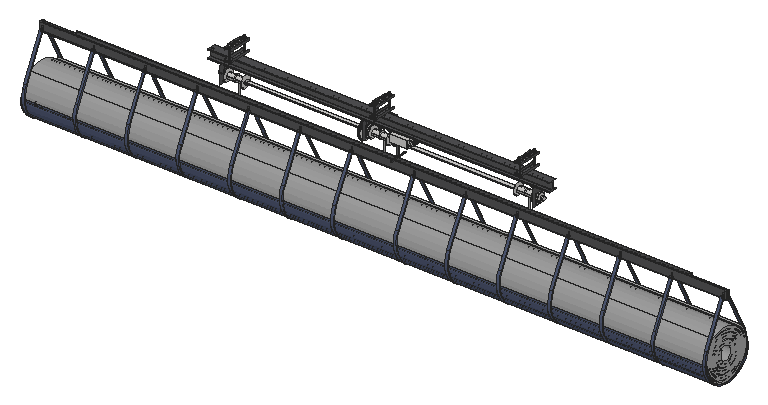
Revit family "Wrestling_Mat_Storage-PSS-4090", category Specialty Equipment, Revit 2017 (continued)
Definition of nested family "Wrestling_Mat_Storage-Hoist-PSS"
  Forms (in)
    Extrusion 16, solid, detail levels medium+fine
      sketch origin (0, 0, -284.25) x (0, 1, 0) y (0, 0, 1)
        loop
          circle (0, 284.25) r 2
        loop
          circle (0, 284.25) r 1.75
      from -6 to 6
    Extrusion 17, solid, detail levels medium+fine
      sketch origin (4.8125, 0, -284.25) x (0, 1, 0) y (0, 0, 1)
        loop
          circle (0, 284.25) r 1
        loop
          circle (0, 284.25) r 1.5
      from 1.375 to 2.375
    Extrusion 18, solid, detail levels medium+fine
      sketch origin (-4.8125, 0, -284.25) x (0, 1, 0) y (0, 0, -1)
        loop
          circle (0, -284.25) r 1
        loop
          circle (0, -284.25) r 1.5
      from 1.375 to 2.375
    Extrusion 19, solid, material <- "Superstructure Finish", detail levels medium+fine
      sketch origin (-2.4375, 0, -6.375) x (0, 1, 0) y (0, 0, -1)
        loop
          line (5, -13.625) -> (5, -1.625) -> (-5, -1.625) -> (-5, -13.625) -> (5, -13.625)
        loop
          circle (2.5625, -8.9375) r 0.25
        loop
          circle (-2.5625, -8.9375) r 0.25
        loop
          circle (2.5625, -3.8125) r 0.25
        loop
          circle (-2.5625, -3.8125) r 0.25
        loop
          circle (0, -6.375) r 1
      from 7.1875 to 7.5625
    Extrusion 20, solid, material <- "Superstructure Finish", detail levels medium+fine
      sketch origin (-1.9375, 1.90625, 0) x (1, 0, 0) y (0, 0, -1)
        loop
          line (-7.6875, -7.25) -> (-3.6875, -7.25) -> (-7.6875, -3.25) -> (-7.6875, -7.25)
      from 0 to 0.25
    Extrusion 21, solid, material <- "Superstructure Finish", detail levels medium+fine
      sketch origin (-1.9375, -1.90625, 0) x (1, 0, 0) y (0, 0, 1)
        loop
          line (-7.6875, 7.25) -> (-7.6875, 3.25) -> (-3.6875, 7.25) -> (-7.6875, 7.25)
      from 0 to 0.25
    Extrusion 22, solid, detail levels medium+fine
      sketch origin (-17.6875, 0, 0) x (0, 1, 0) y (0, 0, -1)
        loop
          arc (2.5625, -3.1875) -> (3.00444, -3.00444) -> (3.1875, -2.5625) r 0.625
          line (3.1875, -2.5625) -> (3.1875, 2.5625)
          arc (3.1875, 2.5625) -> (3.00444, 3.00444) -> (2.5625, 3.1875) r 0.625
          line (2.5625, 3.1875) -> (-2.5625, 3.1875)
          arc (-2.5625, 3.1875) -> (-3.00444, 3.00444) -> (-3.1875, 2.5625) r 0.625
          line (-3.1875, 2.5625) -> (-3.1875, -2.5625)
          arc (-3.1875, -2.5625) -> (-3.00444, -3.00444) -> (-2.5625, -3.1875) r 0.625
          line (-2.5625, -3.1875) -> (2.5625, -3.1875)
        loop
          circle (0, 0) r 1
        loop
          circle (2.5625, -2.5625) r 0.25
        loop
          circle (-2.5625, -2.5625) r 0.25
        loop
          circle (-2.5625, 2.5625) r 0.25
        loop
          circle (2.5625, 2.5625) r 0.25
      from -8.6875 to -8.0625
    Extrusion 23, solid, detail levels medium+fine
      sketch origin (-17.6875, 0, 0) x (0, 1, 0) y (0, 0, -1)
        loop
          arc (2.24472, -1.36083) -> (1.85616, -1.85616) -> (1.36083, -2.24472) r 2.625
          line (1.36083, -2.24472) -> (2.12056, -3.00444)
          arc (2.12056, -3.00444) -> (3.00444, -3.00444) -> (3.00444, -2.12056) r 0.625
          line (3.00444, -2.12056) -> (2.24472, -1.36083)
        loop
          circle (2.5625, -2.5625) r 0.25
        loop
          line (-2.24472, -1.36083) -> (-3.00444, -2.12056)
          arc (-3.00444, -2.12056) -> (-3.00444, -3.00444) -> (-2.12056, -3.00444) r 0.625
          line (-2.12056, -3.00444) -> (-1.36083, -2.24472)
          arc (-1.36083, -2.24472) -> (-1.85616, -1.85616) -> (-2.24472, -1.36083) r 2.625
        loop
          circle (-2.5625, -2.5625) r 0.25
        loop
          line (2.24472, 1.36083) -> (3.00444, 2.12056)
          arc (3.00444, 2.12056) -> (3.00444, 3.00444) -> (2.12056, 3.00444) r 0.625
          line (2.12056, 3.00444) -> (1.36083, 2.24472)
          arc (1.36083, 2.24472) -> (1.85616, 1.85616) -> (2.24472, 1.36083) r 2.625
        loop
          circle (2.5625, 2.5625) r 0.25
        loop
          arc (-2.24472, 1.36083) -> (-1.85616, 1.85616) -> (-1.36083, 2.24472) r 2.625
          line (-1.36083, 2.24472) -> (-2.12056, 3.00444)
          arc (-2.12056, 3.00444) -> (-3.00444, 3.00444) -> (-3.00444, 2.12056) r 0.625
          line (-3.00444, 2.12056) -> (-2.24472, 1.36083)
        loop
          circle (-2.5625, 2.5625) r 0.25
      from -8.875 to -8.6875
    Extrusion 24, solid, detail levels medium+fine
      sketch origin (-17.6875, 0, 0) x (0, 1, 0) y (0, 0, -1)
        loop
          circle (0, 0) r 2.625
        loop
          circle (0, 0) r 1.25
      from -9.8125 to -8.6875
    Extrusion 25, solid, detail levels medium+fine
      sketch origin (-17.6875, 0, 0) x (0, 1, 0) y (0, 0, -1)
        loop
          circle (0, 0) r 1
        loop
          circle (0, 0) r 1.25
      from -10.375 to -8.0625
    Extrusion 26, solid, detail levels fine
      sketch origin (-17.6875, 0, 0) x (0, 1, 0) y (0, 0, -1)
        loop
          line (2.76096, -2.21875) -> (2.36404, -2.21875) -> (2.16557, -2.5625) -> (2.36404, -2.90625) -> (2.76096, -2.90625) -> (2.95943, -2.5625) -> (2.76096, -2.21875)
        loop
          line (-2.76096, -2.21875) -> (-2.95943, -2.5625) -> (-2.76096, -2.90625) -> (-2.36404, -2.90625) -> (-2.16557, -2.5625) -> (-2.36404, -2.21875) -> (-2.76096, -2.21875)
        loop
          line (2.76096, 2.21875) -> (2.95943, 2.5625) -> (2.76096, 2.90625) -> (2.36404, 2.90625) -> (2.16557, 2.5625) -> (2.36404, 2.21875) -> (2.76096, 2.21875)
        loop
          line (-2.76096, 2.21875) -> (-2.36404, 2.21875) -> (-2.16557, 2.5625) -> (-2.36404, 2.90625) -> (-2.76096, 2.90625) -> (-2.95943, 2.5625) -> (-2.76096, 2.21875)
      from -9.3125 to -8.875
    Extrusion 27, solid, detail levels fine
      sketch origin (-1.125, 0, 0) x (0, 1, 0) y (0, 0, 1)
        loop
          line (2.76096, 2.21875) -> (2.95943, 2.5625) -> (2.76096, 2.90625) -> (2.36404, 2.90625) -> (2.16557, 2.5625) -> (2.36404, 2.21875) -> (2.76096, 2.21875)
        loop
          line (-2.76096, 2.21875) -> (-2.36404, 2.21875) -> (-2.16557, 2.5625) -> (-2.36404, 2.90625) -> (-2.76096, 2.90625) -> (-2.95943, 2.5625) -> (-2.76096, 2.21875)
        loop
          line (2.76096, -2.21875) -> (2.36404, -2.21875) -> (2.16557, -2.5625) -> (2.36404, -2.90625) -> (2.76096, -2.90625) -> (2.95943, -2.5625) -> (2.76096, -2.21875)
        loop
          line (-2.76096, -2.21875) -> (-2.95943, -2.5625) -> (-2.76096, -2.90625) -> (-2.36404, -2.90625) -> (-2.16557, -2.5625) -> (-2.36404, -2.21875) -> (-2.76096, -2.21875)
      from -9.3125 to -8.875
    Extrusion 28, solid, detail levels medium+fine
      sketch origin (-0.375, 0, 0) x (0, 1, 0) y (0, 0, 1)
        loop
          arc (6.18466, 0.1875) -> (6.1811, 0.28135) -> (6.17612, 0.37514) r 6.1875
          line (6.17612, 0.37514) -> (5.73397, 0.42902)
          arc (5.73397, 0.42902) -> (5.72622, 0.52237) -> (5.71695, 0.61559) r 5.75
          line (5.71695, 0.61559) -> (6.14205, 0.74858)
          arc (6.14205, 0.74858) -> (6.12998, 0.84172) -> (6.1165, 0.93467) r 6.1875
          line (6.1165, 0.93467) -> (5.67129, 0.94816)
          arc (5.67129, 0.94816) -> (5.65509, 1.04042) -> (5.63739, 1.13241) r 5.75
          line (5.63739, 1.13241) -> (6.04864, 1.30348)
          arc (6.04864, 1.30348) -> (6.02816, 1.39513) -> (6.00629, 1.48647) r 6.1875
          line (6.00629, 1.48647) -> (5.5617, 1.45946)
          arc (5.5617, 1.45946) -> (5.53718, 1.54987) -> (5.5112, 1.63987) r 5.75
          line (5.5112, 1.63987) -> (5.90521, 1.84759)
          arc (5.90521, 1.84759) -> (5.87649, 1.93701) -> (5.84641, 2.02598) r 6.1875
          line (5.84641, 2.02598) -> (5.40611, 1.95869)
          arc (5.40611, 1.95869) -> (5.37348, 2.0465) -> (5.33943, 2.13377) r 5.75
          line (5.33943, 2.13377) -> (5.71295, 2.37642)
          arc (5.71295, 2.37642) -> (5.67622, 2.46286) -> (5.63818, 2.54873) r 6.1875
          line (5.63818, 2.54873) -> (5.20581, 2.44172)
          arc (5.20581, 2.44172) -> (5.16534, 2.52621) -> (5.12351, 2.61002) r 5.75
          line (5.12351, 2.61002) -> (5.47343, 2.8856)
          arc (5.47343, 2.8856) -> (5.429, 2.96835) -> (5.38332, 3.05041) r 6.1875
          line (5.38332, 3.05041) -> (4.96246, 2.90456)
          arc (4.96246, 2.90456) -> (4.91449, 2.98502) -> (4.86521, 3.06468) r 5.75
          line (4.86521, 3.06468) -> (5.18865, 3.37092)
          arc (5.18865, 3.37092) -> (5.13689, 3.44928) -> (5.08394, 3.52685) r 6.1875
          line (5.08394, 3.52685) -> (4.67807, 3.34338)
          arc (4.67807, 3.34338) -> (4.62298, 3.41914) -> (4.56667, 3.494) r 5.75
          line (4.56667, 3.494) -> (4.86095, 3.82835)
          arc (4.86095, 3.82835) -> (4.80229, 3.90169) -> (4.74251, 3.97413) r 6.1875
          line (4.74251, 3.97413) -> (4.35499, 3.75454)
          arc (4.35499, 3.75454) -> (4.29325, 3.82499) -> (4.23037, 3.89442) r 5.75
          line (4.23037, 3.89442) -> (4.49306, 4.25413)
          arc (4.49306, 4.25413) -> (4.42797, 4.32183) -> (4.36186, 4.38854) r 6.1875
          line (4.36186, 4.38854) -> (3.99589, 4.13466)
          arc (3.99589, 4.13466) -> (3.928, 4.1992) -> (3.85908, 4.26263) r 5.75
          line (3.85908, 4.26263) -> (4.088, 4.64472)
          arc (4.088, 4.64472) -> (4.01703, 4.70623) -> (3.94514, 4.76666) r 6.1875
          line (3.94514, 4.76666) -> (3.60374, 4.48057)
          arc (3.60374, 4.48057) -> (3.53027, 4.53869) -> (3.45587, 4.59559) r 5.75
          line (3.45587, 4.59559) -> (3.64914, 4.99689)
          arc (3.64914, 4.99689) -> (3.57287, 5.05171) -> (3.49579, 5.10535) r 6.1875
          line (3.49579, 5.10535) -> (3.18179, 4.78944)
          arc (3.18179, 4.78944) -> (3.10335, 4.84063) -> (3.02408, 4.89055) r 5.75
          line (3.02408, 4.89055) -> (3.18009, 5.30775)
          arc (3.18009, 5.30775) -> (3.09916, 5.3554) -> (3.01752, 5.40183) r 6.1875
          line (3.01752, 5.40183) -> (2.73353, 5.05869)
          arc (2.73353, 5.05869) -> (2.65076, 5.10255) -> (2.56728, 5.14505) r 5.75
          line (2.56728, 5.14505) -> (2.68475, 5.5747)
          arc (2.68475, 5.5747) -> (2.59982, 5.61481) -> (2.5143, 5.65362) r 6.1875
          line (2.5143, 5.65362) -> (2.26266, 5.2861)
          arc (2.26266, 5.2861) -> (2.17624, 5.32226) -> (2.08925, 5.35701) r 5.75
          line (2.08925, 5.35701) -> (2.1672, 5.79555)
          arc (2.1672, 5.79555) -> (2.07898, 5.82778) -> (1.99029, 5.85866) r 6.1875
          line (1.99029, 5.85866) -> (1.77307, 5.4698)
          arc (1.77307, 5.4698) -> (1.68373, 5.49796) -> (1.59394, 5.52466) r 5.75
          line (1.59394, 5.52466) -> (1.63173, 5.96847)
          arc (1.63173, 5.96847) -> (1.54095, 5.99255) -> (1.44981, 6.01525) r 6.1875
          line (1.44981, 6.01525) -> (1.26882, 5.60826)
          arc (1.26882, 5.60826) -> (1.17729, 5.62819) -> (1.08545, 5.64662) r 5.75
          line (1.08545, 5.64662) -> (1.08276, 6.09203)
          arc (1.08276, 6.09203) -> (0.99017, 6.10776) -> (0.89735, 6.12208) r 6.1875
          line (0.89735, 6.12208) -> (0.75408, 5.70034)
          arc (0.75408, 5.70034) -> (0.66112, 5.71187) -> (0.56798, 5.72188) r 5.75
          line (0.56798, 5.72188) -> (0.52484, 6.1652)
          arc (0.52484, 6.1652) -> (0.4312, 6.17246) -> (0.33746, 6.17829) r 6.1875
          line (0.33746, 6.17829) -> (0.2331, 5.74527)
          arc (0.2331, 5.74527) -> (0.13948, 5.74831) -> (0.04582, 5.74982) r 5.75
          line (0.04582, 5.74982) -> (-0.03742, 6.18739)
          arc (-0.03742, 6.18739) -> (-0.13133, 6.18611) -> (-0.22521, 6.1834) r 6.1875
          line (-0.22521, 6.1834) -> (-0.28981, 5.74269)
          arc (-0.28981, 5.74269) -> (-0.38332, 5.73721) -> (-0.47673, 5.7302) r 5.75
          line (-0.47673, 5.7302) -> (-0.59938, 6.1584)
          arc (-0.59938, 6.1584) -> (-0.69278, 6.14859) -> (-0.78603, 6.13737) r 6.1875
          line (-0.78603, 6.13737) -> (-0.81032, 5.69262)
          arc (-0.81032, 5.69262) -> (-0.90294, 5.67866) -> (-0.99533, 5.6632) r 5.75
          line (-0.99533, 5.6632) -> (-1.15637, 6.07848)
          arc (-1.15637, 6.07848) -> (-1.2485, 6.06023) -> (-1.34034, 6.04058) r 6.1875
          line (-1.34034, 6.04058) -> (-1.32412, 5.59546)
          arc (-1.32412, 5.59546) -> (-1.4151, 5.57315) -> (-1.5057, 5.54936) r 5.75
          line (-1.5057, 5.54936) -> (-1.70381, 5.94829)
          arc (-1.70381, 5.94829) -> (-1.79389, 5.92175) -> (-1.88357, 5.89384) r 6.1875
          line (-1.88357, 5.89384) -> (-1.82698, 5.45203)
          arc (-1.82698, 5.45203) -> (-1.91556, 5.42154) -> (-2.00362, 5.38962) r 5.75
          line (-2.00362, 5.38962) -> (-2.23715, 5.76891)
          arc (-2.23715, 5.76891) -> (-2.32445, 5.73429) -> (-2.41122, 5.69835) r 6.1875
          line (-2.41122, 5.69835) -> (-2.31473, 5.26351)
          arc (-2.31473, 5.26351) -> (-2.40017, 5.2251) -> (-2.48497, 5.18531) r 5.75
          line (-2.48497, 5.18531) -> (-2.75199, 5.54182)
          arc (-2.75199, 5.54182) -> (-2.83578, 5.49941) -> (-2.91893, 5.45573) r 6.1875
          line (-2.91893, 5.45573) -> (-2.78333, 5.03146)
          arc (-2.78333, 5.03146) -> (-2.86493, 4.98545) -> (-2.94576, 4.93811) r 5.75
          line (-2.94576, 4.93811) -> (-3.24407, 5.26889)
          arc (-3.24407, 5.26889) -> (-3.32366, 5.21904) -> (-3.4025, 5.168) r 6.1875
          line (-3.4025, 5.168) -> (-3.22892, 4.75779)
          arc (-3.22892, 4.75779) -> (-3.306, 4.70456) -> (-3.3822, 4.65008) r 5.75
          line (-3.3822, 4.65008) -> (-3.70932, 4.95239)
          arc (-3.70932, 4.95239) -> (-3.78406, 4.89552) -> (-3.85793, 4.83752) r 6.1875
          line (-3.85793, 4.83752) -> (-3.6478, 4.44478)
          arc (-3.6478, 4.44478) -> (-3.71972, 4.38477) -> (-3.79066, 4.32359) r 5.75
          line (-3.79066, 4.32359) -> (-4.14389, 4.59493)
          arc (-4.14389, 4.59493) -> (-4.21315, 4.5315) -> (-4.28145, 4.46703) r 6.1875
          line (-4.28145, 4.46703) -> (-4.03651, 4.09501)
          arc (-4.03651, 4.09501) -> (-4.10268, 4.02871) -> (-4.16777, 3.96134) r 5.75
          line (-4.16777, 3.96134) -> (-4.54419, 4.19946)
          arc (-4.54419, 4.19946) -> (-4.60741, 4.13001) -> (-4.66956, 4.0596) r 6.1875
          line (-4.66956, 4.0596) -> (-4.39184, 3.71137)
          arc (-4.39184, 3.71137) -> (-4.45172, 3.63933) -> (-4.51041, 3.56633) r 5.75
          line (-4.51041, 3.56633) -> (-4.90691, 3.76927)
          arc (-4.90691, 3.76927) -> (-4.96355, 3.69436) -> (-5.01906, 3.6186) r 6.1875
          line (-5.01906, 3.6186) -> (-4.71085, 3.29703)
          arc (-4.71085, 3.29703) -> (-4.76393, 3.21985) -> (-4.81575, 3.14182) r 5.75
          line (-4.81575, 3.14182) -> (-5.22905, 3.30791)
          arc (-5.22905, 3.30791) -> (-5.27865, 3.22816) -> (-5.32704, 3.14767) r 6.1875
          line (-5.32704, 3.14767) -> (-4.99089, 2.85543)
          arc (-4.99089, 2.85543) -> (-5.03675, 2.77375) -> (-5.08126, 2.69133) r 5.75
          line (-5.08126, 2.69133) -> (-5.50794, 2.81918)
          arc (-5.50794, 2.81918) -> (-5.55009, 2.73526) -> (-5.59097, 2.6507) r 6.1875
          line (-5.59097, 2.6507) -> (-5.22966, 2.39021)
          arc (-5.22966, 2.39021) -> (-5.26791, 2.3047) -> (-5.30475, 2.21858) r 5.75
          line (-5.30475, 2.21858) -> (-5.74128, 2.30714)
          arc (-5.74128, 2.30714) -> (-5.77563, 2.21973) -> (-5.80866, 2.13182) r 6.1875
          line (-5.80866, 2.13182) -> (-5.42518, 1.90523)
          arc (-5.42518, 1.90523) -> (-5.4555, 1.8166) -> (-5.48437, 1.72748) r 5.75
          line (-5.48437, 1.72748) -> (-5.92713, 1.77602)
          arc (-5.92713, 1.77602) -> (-5.95341, 1.68585) -> (-5.97831, 1.5953) r 6.1875
          line (-5.97831, 1.5953) -> (-5.57583, 1.40449)
          arc (-5.57583, 1.40449) -> (-5.59797, 1.31347) -> (-5.61863, 1.2221) r 5.75
          line (-5.61863, 1.2221) -> (-6.06397, 1.23021)
          arc (-6.06397, 1.23021) -> (-6.08194, 1.13803) -> (-6.09852, 1.04559) r 6.1875
          line (-6.09852, 1.04559) -> (-5.68037, 0.89213)
          arc (-5.68037, 0.89213) -> (-5.69415, 0.79948) -> (-5.70642, 0.70661) r 5.75
          line (-5.70642, 0.70661) -> (-6.15066, 0.67423)
          arc (-6.15066, 0.67423) -> (-6.16018, 0.5808) -> (-6.16829, 0.48723) r 6.1875
          line (-6.16829, 0.48723) -> (-5.73793, 0.37239)
          arc (-5.73793, 0.37239) -> (-5.74323, 0.27887) -> (-5.74701, 0.18527) r 5.75
          line (-5.74701, 0.18527) -> (-6.18647, 0.11267)
          arc (-6.18647, 0.11267) -> (-6.1875, 0) -> (-6.18647, -0.11267) r 6.1875
          line (-6.18647, -0.11267) -> (-5.74701, -0.18527)
          arc (-5.74701, -0.18527) -> (-5.74323, -0.27887) -> (-5.73793, -0.37239) r 5.75
          line (-5.73793, -0.37239) -> (-6.16829, -0.48723)
          arc (-6.16829, -0.48723) -> (-6.16018, -0.5808) -> (-6.15066, -0.67423) r 6.1875
          line (-6.15066, -0.67423) -> (-5.70642, -0.70661)
          arc (-5.70642, -0.70661) -> (-5.69415, -0.79948) -> (-5.68037, -0.89213) r 5.75
          line (-5.68037, -0.89213) -> (-6.09852, -1.04559)
          arc (-6.09852, -1.04559) -> (-6.08194, -1.13803) -> (-6.06397, -1.23021) r 6.1875
          line (-6.06397, -1.23021) -> (-5.61863, -1.2221)
          arc (-5.61863, -1.2221) -> (-5.59797, -1.31347) -> (-5.57583, -1.40449) r 5.75
          line (-5.57583, -1.40449) -> (-5.97831, -1.5953)
          arc (-5.97831, -1.5953) -> (-5.95341, -1.68585) -> (-5.92713, -1.77602) r 6.1875
          line (-5.92713, -1.77602) -> (-5.48437, -1.72748)
          arc (-5.48437, -1.72748) -> (-5.4555, -1.8166) -> (-5.42518, -1.90523) r 5.75
          line (-5.42518, -1.90523) -> (-5.80866, -2.13182)
          arc (-5.80866, -2.13182) -> (-5.77563, -2.21973) -> (-5.74128, -2.30714) r 6.1875
          line (-5.74128, -2.30714) -> (-5.30475, -2.21858)
          arc (-5.30475, -2.21858) -> (-5.26791, -2.3047) -> (-5.22966, -2.39021) r 5.75
          line (-5.22966, -2.39021) -> (-5.59097, -2.6507)
          arc (-5.59097, -2.6507) -> (-5.55009, -2.73526) -> (-5.50794, -2.81918) r 6.1875
          line (-5.50794, -2.81918) -> (-5.08126, -2.69133)
          arc (-5.08126, -2.69133) -> (-5.03675, -2.77375) -> (-4.99089, -2.85543) r 5.75
          line (-4.99089, -2.85543) -> (-5.32704, -3.14767)
          arc (-5.32704, -3.14767) -> (-5.27865, -3.22816) -> (-5.22905, -3.30791) r 6.1875
          line (-5.22905, -3.30791) -> (-4.81575, -3.14182)
          arc (-4.81575, -3.14182) -> (-4.76393, -3.21985) -> (-4.71085, -3.29703) r 5.75
          line (-4.71085, -3.29703) -> (-5.01906, -3.6186)
          arc (-5.01906, -3.6186) -> (-4.96355, -3.69436) -> (-4.90691, -3.76927) r 6.1875
          line (-4.90691, -3.76927) -> (-4.51041, -3.56633)
          arc (-4.51041, -3.56633) -> (-4.45172, -3.63933) -> (-4.39184, -3.71137) r 5.75
          line (-4.39184, -3.71137) -> (-4.66956, -4.0596)
          arc (-4.66956, -4.0596) -> (-4.60741, -4.13001) -> (-4.54419, -4.19946) r 6.1875
          line (-4.54419, -4.19946) -> (-4.16777, -3.96134)
          arc (-4.16777, -3.96134) -> (-4.10268, -4.02871) -> (-4.03651, -4.09501) r 5.75
          line (-4.03651, -4.09501) -> (-4.28145, -4.46703)
          arc (-4.28145, -4.46703) -> (-4.21315, -4.5315) -> (-4.14389, -4.59493) r 6.1875
          line (-4.14389, -4.59493) -> (-3.79066, -4.32359)
          arc (-3.79066, -4.32359) -> (-3.71972, -4.38477) -> (-3.6478, -4.44478) r 5.75
          line (-3.6478, -4.44478) -> (-3.85793, -4.83752)
          arc (-3.85793, -4.83752) -> (-3.78406, -4.89552) -> (-3.70932, -4.95239) r 6.1875
          line (-3.70932, -4.95239) -> (-3.3822, -4.65008)
          arc (-3.3822, -4.65008) -> (-3.306, -4.70456) -> (-3.22892, -4.75779) r 5.75
          line (-3.22892, -4.75779) -> (-3.4025, -5.168)
          arc (-3.4025, -5.168) -> (-3.32366, -5.21904) -> (-3.24407, -5.26889) r 6.1875
          line (-3.24407, -5.26889) -> (-2.94576, -4.93811)
          arc (-2.94576, -4.93811) -> (-2.86493, -4.98545) -> (-2.78333, -5.03146) r 5.75
          line (-2.78333, -5.03146) -> (-2.91893, -5.45573)
          arc (-2.91893, -5.45573) -> (-2.83578, -5.49941) -> (-2.75199, -5.54182) r 6.1875
          line (-2.75199, -5.54182) -> (-2.48497, -5.18531)
          arc (-2.48497, -5.18531) -> (-2.40017, -5.2251) -> (-2.31473, -5.26351) r 5.75
          line (-2.31473, -5.26351) -> (-2.41122, -5.69835)
          arc (-2.41122, -5.69835) -> (-2.32445, -5.73429) -> (-2.23715, -5.76891) r 6.1875
          line (-2.23715, -5.76891) -> (-2.00362, -5.38962)
          arc (-2.00362, -5.38962) -> (-1.91556, -5.42154) -> (-1.82698, -5.45203) r 5.75
          line (-1.82698, -5.45203) -> (-1.88357, -5.89384)
          arc (-1.88357, -5.89384) -> (-1.79389, -5.92175) -> (-1.70381, -5.94829) r 6.1875
          line (-1.70381, -5.94829) -> (-1.5057, -5.54936)
          arc (-1.5057, -5.54936) -> (-1.4151, -5.57315) -> (-1.32412, -5.59546) r 5.75
          line (-1.32412, -5.59546) -> (-1.34034, -6.04058)
          arc (-1.34034, -6.04058) -> (-1.2485, -6.06023) -> (-1.15637, -6.07848) r 6.1875
          line (-1.15637, -6.07848) -> (-0.99533, -5.6632)
          arc (-0.99533, -5.6632) -> (-0.90294, -5.67866) -> (-0.81032, -5.69262) r 5.75
          line (-0.81032, -5.69262) -> (-0.78603, -6.13737)
          arc (-0.78603, -6.13737) -> (-0.69278, -6.14859) -> (-0.59938, -6.1584) r 6.1875
          line (-0.59938, -6.1584) -> (-0.47673, -5.7302)
          arc (-0.47673, -5.7302) -> (-0.38332, -5.73721) -> (-0.28981, -5.74269) r 5.75
          line (-0.28981, -5.74269) -> (-0.22521, -6.1834)
          arc (-0.22521, -6.1834) -> (-0.13133, -6.18611) -> (-0.03742, -6.18739) r 6.1875
          line (-0.03742, -6.18739) -> (0.04582, -5.74982)
          arc (0.04582, -5.74982) -> (0.13948, -5.74831) -> (0.2331, -5.74527) r 5.75
          line (0.2331, -5.74527) -> (0.33746, -6.17829)
          arc (0.33746, -6.17829) -> (0.4312, -6.17246) -> (0.52484, -6.1652) r 6.1875
          line (0.52484, -6.1652) -> (0.56798, -5.72188)
          arc (0.56798, -5.72188) -> (0.66112, -5.71187) -> (0.75408, -5.70034) r 5.75
          line (0.75408, -5.70034) -> (0.89735, -6.12208)
          arc (0.89735, -6.12208) -> (0.99017, -6.10776) -> (1.08276, -6.09203) r 6.1875
          line (1.08276, -6.09203) -> (1.08545, -5.64662)
          arc (1.08545, -5.64662) -> (1.17729, -5.62819) -> (1.26882, -5.60826) r 5.75
          line (1.26882, -5.60826) -> (1.44981, -6.01525)
          arc (1.44981, -6.01525) -> (1.54095, -5.99255) -> (1.63173, -5.96847) r 6.1875
          line (1.63173, -5.96847) -> (1.59394, -5.52466)
          arc (1.59394, -5.52466) -> (1.68373, -5.49796) -> (1.77307, -5.4698) r 5.75
          line (1.77307, -5.4698) -> (1.99029, -5.85866)
          arc (1.99029, -5.85866) -> (2.07898, -5.82778) -> (2.1672, -5.79555) r 6.1875
          line (2.1672, -5.79555) -> (2.08925, -5.35701)
          arc (2.08925, -5.35701) -> (2.17624, -5.32226) -> (2.26266, -5.2861) r 5.75
          line (2.26266, -5.2861) -> (2.5143, -5.65362)
          arc (2.5143, -5.65362) -> (2.59982, -5.61481) -> (2.68475, -5.5747) r 6.1875
          line (2.68475, -5.5747) -> (2.56728, -5.14505)
          arc (2.56728, -5.14505) -> (2.65076, -5.10255) -> (2.73353, -5.05869) r 5.75
          line (2.73353, -5.05869) -> (3.01752, -5.40183)
          arc (3.01752, -5.40183) -> (3.09916, -5.3554) -> (3.18009, -5.30775) r 6.1875
          line (3.18009, -5.30775) -> (3.02408, -4.89055)
          arc (3.02408, -4.89055) -> (3.10335, -4.84063) -> (3.18179, -4.78944) r 5.75
          line (3.18179, -4.78944) -> (3.49579, -5.10535)
          arc (3.49579, -5.10535) -> (3.57287, -5.05171) -> (3.64914, -4.99689) r 6.1875
          line (3.64914, -4.99689) -> (3.45587, -4.59559)
          arc (3.45587, -4.59559) -> (3.53027, -4.53869) -> (3.60374, -4.48057) r 5.75
          line (3.60374, -4.48057) -> (3.94514, -4.76666)
          arc (3.94514, -4.76666) -> (4.01703, -4.70623) -> (4.088, -4.64472) r 6.1875
          line (4.088, -4.64472) -> (3.85908, -4.26263)
          arc (3.85908, -4.26263) -> (3.928, -4.1992) -> (3.99589, -4.13466) r 5.75
          line (3.99589, -4.13466) -> (4.36186, -4.38854)
          arc (4.36186, -4.38854) -> (4.42797, -4.32183) -> (4.49306, -4.25413) r 6.1875
          line (4.49306, -4.25413) -> (4.23037, -3.89442)
          arc (4.23037, -3.89442) -> (4.29325, -3.82499) -> (4.35499, -3.75454) r 5.75
          line (4.35499, -3.75454) -> (4.74251, -3.97413)
          arc (4.74251, -3.97413) -> (4.80229, -3.90169) -> (4.86095, -3.82835) r 6.1875
          line (4.86095, -3.82835) -> (4.56667, -3.494)
          arc (4.56667, -3.494) -> (4.62298, -3.41914) -> (4.67807, -3.34338) r 5.75
          line (4.67807, -3.34338) -> (5.08394, -3.52685)
          arc (5.08394, -3.52685) -> (5.13689, -3.44928) -> (5.18865, -3.37092) r 6.1875
          line (5.18865, -3.37092) -> (4.86521, -3.06468)
          arc (4.86521, -3.06468) -> (4.91449, -2.98502) -> (4.96246, -2.90456) r 5.75
          line (4.96246, -2.90456) -> (5.38332, -3.05041)
          arc (5.38332, -3.05041) -> (5.429, -2.96835) -> (5.47343, -2.8856) r 6.1875
          line (5.47343, -2.8856) -> (5.12351, -2.61002)
          arc (5.12351, -2.61002) -> (5.16534, -2.52621) -> (5.20581, -2.44172) r 5.75
          line (5.20581, -2.44172) -> (5.63818, -2.54873)
          arc (5.63818, -2.54873) -> (5.67622, -2.46286) -> (5.71295, -2.37642) r 6.1875
          line (5.71295, -2.37642) -> (5.33943, -2.13377)
          arc (5.33943, -2.13377) -> (5.37348, -2.0465) -> (5.40611, -1.95869) r 5.75
          line (5.40611, -1.95869) -> (5.84641, -2.02598)
          arc (5.84641, -2.02598) -> (5.87649, -1.93701) -> (5.90521, -1.84759) r 6.1875
          line (5.90521, -1.84759) -> (5.5112, -1.63987)
          arc (5.5112, -1.63987) -> (5.53718, -1.54987) -> (5.5617, -1.45946) r 5.75
          line (5.5617, -1.45946) -> (6.00629, -1.48647)
          arc (6.00629, -1.48647) -> (6.02816, -1.39513) -> (6.04864, -1.30348) r 6.1875
          line (6.04864, -1.30348) -> (5.63739, -1.13241)
          arc (5.63739, -1.13241) -> (5.65509, -1.04042) -> (5.67129, -0.94816) r 5.75
          line (5.67129, -0.94816) -> (6.1165, -0.93467)
          arc (6.1165, -0.93467) -> (6.12998, -0.84172) -> (6.14205, -0.74858) r 6.1875
          line (6.14205, -0.74858) -> (5.71695, -0.61559)
          arc (5.71695, -0.61559) -> (5.72622, -0.52237) -> (5.73397, -0.42902) r 5.75
          line (5.73397, -0.42902) -> (6.17612, -0.37514)
          arc (6.17612, -0.37514) -> (6.1811, -0.28135) -> (6.18466, -0.1875) r 6.1875
          line (6.18466, -0.1875) -> (5.74924, -0.09367)
          arc (5.74924, -0.09367) -> (5.75, 0) -> (5.74924, 0.09367) r 5.75
          line (5.74924, 0.09367) -> (6.18466, 0.1875)
        loop
          circle (0, 0) r 5
      from -11.75 to -10
    Extrusion 29, solid, detail levels medium+fine
      sketch origin (-0.375, 0, 0) x (0, 1, 0) y (0, 0, 1)
        loop
          circle (0, 0) r 2.375
        loop
          arc (0.21651, -2.625) -> (0, -2.5) -> (-0.21651, -2.625) r 0.25
          line (-0.21651, -2.625) -> (-1.21651, -4.35705)
          arc (-1.21651, -4.35705) -> (-1.21651, -4.60705) -> (-1, -4.73205) r 0.25
          arc (-1, -4.73205) -> (0, -4.83851) -> (1, -4.73205) r 4.75
          arc (1, -4.73205) -> (1.21651, -4.60705) -> (1.21651, -4.35705) r 0.25
          line (1.21651, -4.35705) -> (0.21651, -2.625)
        loop
          arc (2.30492, -1.16925) -> (2.08841, -1.29425) -> (2.08841, -1.54425) r 0.25
          line (2.08841, -1.54425) -> (3.08841, -3.2763)
          arc (3.08841, -3.2763) -> (3.30492, -3.4013) -> (3.52143, -3.2763) r 0.25
          arc (3.52143, -3.2763) -> (4.11362, -2.46351) -> (4.52143, -1.54425) r 4.75
          arc (4.52143, -1.54425) -> (4.52143, -1.29425) -> (4.30492, -1.16925) r 0.25
          line (4.30492, -1.16925) -> (2.30492, -1.16925)
        loop
          arc (2.16506, 1.41149) -> (2.16506, 1.16149) -> (2.38157, 1.03649) r 0.25
          line (2.38157, 1.03649) -> (4.38157, 1.03649)
          arc (4.38157, 1.03649) -> (4.59808, 1.16149) -> (4.59808, 1.41149) r 0.25
          arc (4.59808, 1.41149) -> (4.19027, 2.33075) -> (3.59808, 3.14354) r 4.75
          arc (3.59808, 3.14354) -> (3.38157, 3.26854) -> (3.16506, 3.14354) r 0.25
          line (3.16506, 3.14354) -> (2.16506, 1.41149)
        loop
          line (-2.16506, 1.41149) -> (-3.16506, 3.14354)
          arc (-3.16506, 3.14354) -> (-3.38157, 3.26854) -> (-3.59808, 3.14354) r 0.25
          arc (-3.59808, 3.14354) -> (-4.19027, 2.33075) -> (-4.59808, 1.41149) r 4.75
          arc (-4.59808, 1.41149) -> (-4.59808, 1.16149) -> (-4.38157, 1.03649) r 0.25
          line (-4.38157, 1.03649) -> (-2.38157, 1.03649)
          arc (-2.38157, 1.03649) -> (-2.16506, 1.16149) -> (-2.16506, 1.41149) r 0.25
        loop
          line (0.21651, 2.625) -> (1.21651, 4.35705)
          arc (1.21651, 4.35705) -> (1.21651, 4.60705) -> (1, 4.73205) r 0.25
          arc (1, 4.73205) -> (0, 4.83851) -> (-1, 4.73205) r 4.75
          arc (-1, 4.73205) -> (-1.21651, 4.60705) -> (-1.21651, 4.35705) r 0.25
          line (-1.21651, 4.35705) -> (-0.21651, 2.625)
          arc (-0.21651, 2.625) -> (0, 2.5) -> (0.21651, 2.625) r 0.25
        loop
          line (-2.30492, -1.16925) -> (-4.30492, -1.16925)
          arc (-4.30492, -1.16925) -> (-4.52143, -1.29425) -> (-4.52143, -1.54425) r 0.25
          arc (-4.52143, -1.54425) -> (-4.11362, -2.46351) -> (-3.52143, -3.2763) r 4.75
          arc (-3.52143, -3.2763) -> (-3.30492, -3.4013) -> (-3.08841, -3.2763) r 0.25
          line (-3.08841, -3.2763) -> (-2.08841, -1.54425)
          arc (-2.08841, -1.54425) -> (-2.08841, -1.29425) -> (-2.30492, -1.16925) r 0.25
        loop
          circle (0, 0) r 5
      from -11.5 to -10.25
    Extrusion 30, solid, detail levels medium+fine
      sketch origin (0, 0, 0) x (0, 1, 0) y (0, 0, 1)
        loop
          circle (0, 0) r 1
        loop
          circle (0, 0) r 2.375
      from -13.375 to -10.375
    Extrusion 31, solid, detail levels medium+fine
      sketch origin (-0.375, 7.625, 3) x (0, 1, 0) y (0, 0, 1)
        loop
          circle (0, 0) r 0.75
        loop
          arc (-2.20308, -0.88717) -> (-2.18582, -0.92889) -> (-2.16776, -0.97027) r 2.375
          line (-2.16776, -0.97027) -> (-1.78043, -0.91108)
          arc (-1.78043, -0.91108) -> (-1.71503, -1.02893) -> (-1.64183, -1.1421) r 2
          line (-1.64183, -1.1421) -> (-1.89839, -1.42714)
          arc (-1.89839, -1.42714) -> (-1.87092, -1.46297) -> (-1.84278, -1.49827) r 2.375
          line (-1.84278, -1.49827) -> (-1.48396, -1.34084)
          arc (-1.48396, -1.34084) -> (-1.39028, -1.43775) -> (-1.29029, -1.52812) r 2
          line (-1.29029, -1.52812) -> (-1.46433, -1.86985)
          arc (-1.46433, -1.86985) -> (-1.42853, -1.89735) -> (-1.39221, -1.92416) r 2.375
          line (-1.39221, -1.92416) -> (-1.08636, -1.67923)
          arc (-1.08636, -1.67923) -> (-0.97079, -1.74859) -> (-0.85082, -1.81) r 2
          line (-0.85082, -1.81) -> (-0.93048, -2.18514)
          arc (-0.93048, -2.18514) -> (-0.88878, -2.20243) -> (-0.84676, -2.21892) r 2.375
          line (-0.84676, -2.21892) -> (-0.61473, -1.90318)
          arc (-0.61473, -1.90318) -> (-0.48515, -1.94027) -> (-0.35336, -1.96854) r 2
          line (-0.35336, -1.96854) -> (-0.33322, -2.35151)
          arc (-0.33322, -2.35151) -> (-0.28847, -2.35742) -> (-0.24361, -2.36247) r 2.375
          line (-0.24361, -2.36247) -> (-0.1012, -1.99744)
          arc (-0.1012, -1.99744) -> (0.03356, -1.99972) -> (0.16817, -1.99292) r 2
          line (0.16817, -1.99292) -> (0.28675, -2.35763)
          arc (0.28675, -2.35763) -> (0.33151, -2.35175) -> (0.37615, -2.34502) r 2.375
          line (0.37615, -2.34502) -> (0.41922, -1.95557)
          arc (0.41922, -1.95557) -> (0.54998, -1.92289) -> (0.67825, -1.88148) r 2
          line (0.67825, -1.88148) -> (0.88717, -2.20308)
          arc (0.88717, -2.20308) -> (0.92889, -2.18582) -> (0.97027, -2.16776) r 2.375
          line (0.97027, -2.16776) -> (0.91108, -1.78043)
          arc (0.91108, -1.78043) -> (1.02893, -1.71503) -> (1.1421, -1.64183) r 2
          line (1.1421, -1.64183) -> (1.42714, -1.89839)
          arc (1.42714, -1.89839) -> (1.46297, -1.87092) -> (1.49827, -1.84278) r 2.375
          line (1.49827, -1.84278) -> (1.34084, -1.48396)
          arc (1.34084, -1.48396) -> (1.43775, -1.39028) -> (1.52812, -1.29029) r 2
          line (1.52812, -1.29029) -> (1.86985, -1.46433)
          arc (1.86985, -1.46433) -> (1.89735, -1.42853) -> (1.92416, -1.39221) r 2.375
          line (1.92416, -1.39221) -> (1.67923, -1.08636)
          arc (1.67923, -1.08636) -> (1.74859, -0.97079) -> (1.81, -0.85082) r 2
          line (1.81, -0.85082) -> (2.18514, -0.93048)
          arc (2.18514, -0.93048) -> (2.20243, -0.88878) -> (2.21892, -0.84676) r 2.375
          line (2.21892, -0.84676) -> (1.90318, -0.61473)
          arc (1.90318, -0.61473) -> (1.94027, -0.48515) -> (1.96854, -0.35336) r 2
          line (1.96854, -0.35336) -> (2.35151, -0.33322)
          arc (2.35151, -0.33322) -> (2.35742, -0.28847) -> (2.36247, -0.24361) r 2.375
          line (2.36247, -0.24361) -> (1.99744, -0.1012)
          arc (1.99744, -0.1012) -> (1.99972, 0.03356) -> (1.99292, 0.16817) r 2
          line (1.99292, 0.16817) -> (2.35763, 0.28675)
          arc (2.35763, 0.28675) -> (2.35175, 0.33151) -> (2.34502, 0.37615) r 2.375
          line (2.34502, 0.37615) -> (1.95557, 0.41922)
          arc (1.95557, 0.41922) -> (1.92289, 0.54998) -> (1.88148, 0.67825) r 2
          line (1.88148, 0.67825) -> (2.20308, 0.88717)
          arc (2.20308, 0.88717) -> (2.18582, 0.92889) -> (2.16776, 0.97027) r 2.375
          line (2.16776, 0.97027) -> (1.78043, 0.91108)
          arc (1.78043, 0.91108) -> (1.71503, 1.02893) -> (1.64183, 1.1421) r 2
          line (1.64183, 1.1421) -> (1.89839, 1.42714)
          arc (1.89839, 1.42714) -> (1.87092, 1.46297) -> (1.84278, 1.49827) r 2.375
          line (1.84278, 1.49827) -> (1.48396, 1.34084)
          arc (1.48396, 1.34084) -> (1.39028, 1.43775) -> (1.29029, 1.52812) r 2
          line (1.29029, 1.52812) -> (1.46433, 1.86985)
          arc (1.46433, 1.86985) -> (1.42853, 1.89735) -> (1.39221, 1.92416) r 2.375
          line (1.39221, 1.92416) -> (1.08636, 1.67923)
          arc (1.08636, 1.67923) -> (0.97079, 1.74859) -> (0.85082, 1.81) r 2
          line (0.85082, 1.81) -> (0.93048, 2.18514)
          arc (0.93048, 2.18514) -> (0.88878, 2.20243) -> (0.84676, 2.21892) r 2.375
          line (0.84676, 2.21892) -> (0.61473, 1.90318)
          arc (0.61473, 1.90318) -> (0.48515, 1.94027) -> (0.35336, 1.96854) r 2
          line (0.35336, 1.96854) -> (0.33322, 2.35151)
          arc (0.33322, 2.35151) -> (0.28847, 2.35742) -> (0.24361, 2.36247) r 2.375
          line (0.24361, 2.36247) -> (0.1012, 1.99744)
          arc (0.1012, 1.99744) -> (-0.03356, 1.99972) -> (-0.16817, 1.99292) r 2
          line (-0.16817, 1.99292) -> (-0.28675, 2.35763)
          arc (-0.28675, 2.35763) -> (-0.33151, 2.35175) -> (-0.37615, 2.34502) r 2.375
          line (-0.37615, 2.34502) -> (-0.41922, 1.95557)
          arc (-0.41922, 1.95557) -> (-0.54998, 1.92289) -> (-0.67825, 1.88148) r 2
          line (-0.67825, 1.88148) -> (-0.88717, 2.20308)
          arc (-0.88717, 2.20308) -> (-0.92889, 2.18582) -> (-0.97027, 2.16776) r 2.375
          line (-0.97027, 2.16776) -> (-0.91108, 1.78043)
          arc (-0.91108, 1.78043) -> (-1.02893, 1.71503) -> (-1.1421, 1.64183) r 2
          line (-1.1421, 1.64183) -> (-1.42714, 1.89839)
          arc (-1.42714, 1.89839) -> (-1.46297, 1.87092) -> (-1.49827, 1.84278) r 2.375
          line (-1.49827, 1.84278) -> (-1.34084, 1.48396)
          arc (-1.34084, 1.48396) -> (-1.43775, 1.39028) -> (-1.52812, 1.29029) r 2
          line (-1.52812, 1.29029) -> (-1.86985, 1.46433)
          arc (-1.86985, 1.46433) -> (-1.89735, 1.42853) -> (-1.92416, 1.39221) r 2.375
          line (-1.92416, 1.39221) -> (-1.67923, 1.08636)
          arc (-1.67923, 1.08636) -> (-1.74859, 0.97079) -> (-1.81, 0.85082) r 2
          line (-1.81, 0.85082) -> (-2.18514, 0.93048)
          arc (-2.18514, 0.93048) -> (-2.20243, 0.88878) -> (-2.21892, 0.84676) r 2.375
          line (-2.21892, 0.84676) -> (-1.90318, 0.61473)
          arc (-1.90318, 0.61473) -> (-1.94027, 0.48515) -> (-1.96854, 0.35336) r 2
          line (-1.96854, 0.35336) -> (-2.35151, 0.33322)
          arc (-2.35151, 0.33322) -> (-2.35742, 0.28847) -> (-2.36247, 0.24361) r 2.375
          line (-2.36247, 0.24361) -> (-1.99744, 0.1012)
          arc (-1.99744, 0.1012) -> (-1.99972, -0.03356) -> (-1.99292, -0.16817) r 2
          line (-1.99292, -0.16817) -> (-2.35763, -0.28675)
          arc (-2.35763, -0.28675) -> (-2.35175, -0.33151) -> (-2.34502, -0.37615) r 2.375
          line (-2.34502, -0.37615) -> (-1.95557, -0.41922)
          arc (-1.95557, -0.41922) -> (-1.92289, -0.54998) -> (-1.88148, -0.67825) r 2
          line (-1.88148, -0.67825) -> (-2.20308, -0.88717)
      from -11.75 to -10
    Extrusion 32, solid, detail levels medium+fine
      sketch origin (0, 0, 0) x (0, 1, 0) y (0, 0, 1)
        loop
          circle (7.625, 3) r 3.3125
      from 6.0625 to 12.6875
    Extrusion 33, solid, detail levels medium+fine
      sketch origin (0, 0, 0) x (0, 1, 0) y (0, 0, 1)
        loop
          circle (7.625, 3) r 1.75
        loop
          circle (7.625, 3) r 0.75
      from -10.375 to -9.625
    Extrusion 34, solid, detail levels medium+fine
      sketch origin (-8.125, 0, 0) x (0, 1, 0) y (0, 0, 1)
        loop
          circle (7.625, 3) r 1.375
      from -0.5 to -0.25
    Extrusion 35, solid, detail levels medium+fine
      sketch origin (-8.625, 0, 0) x (0, 1, 0) y (0, 0, 1)
        loop
          circle (7.625, 3) r 1.25
      from -0.25 to 0
    Extrusion 36, solid, detail levels medium+fine
      sketch origin (-8.875, 0, 0) x (0, 1, 0) y (0, 0, 1)
        loop
          circle (7.625, 3) r 0.625
        loop
          circle (7.625, 3) r 0.25
      from -2.5 to 0
    Extrusion 37, solid, detail levels medium+fine
      sketch origin (-8.375, -2.53613, -4.92891) x (0, 1, 0) y (0, 0, 1)
        loop
          line (10.50661, 9.74141) -> (10.02275, 9.74141)
          arc (10.02275, 9.74141) -> (9.51023, 9.26709) -> (8.82902, 9.42071) r 0.75
          arc (8.82902, 9.42071) -> (8.55596, 9.12198) -> (8.34863, 8.77439) r 2
          line (8.34863, 8.77439) -> (8.34863, 7.08342)
          arc (8.34863, 7.08342) -> (8.74691, 6.51469) -> (9.31564, 6.11641) r 2
          line (9.31564, 6.11641) -> (11.00661, 6.11641)
          arc (11.00661, 6.11641) -> (11.57534, 6.51469) -> (11.97363, 7.08342) r 2
          line (11.97363, 7.08342) -> (11.97363, 8.77439)
          arc (11.97363, 8.77439) -> (11.74103, 9.15525) -> (11.42976, 9.47505) r 2
          arc (11.42976, 9.47505) -> (10.868, 9.261) -> (10.50661, 9.74141) r 0.5
      from 0 to 1.25
    Extrusion 38, solid, detail levels medium+fine
      sketch origin (-7.5, 0, 0) x (0, 1, 0) y (0, 0, 1)
        loop
          circle (8.47048, 4.8125) r 0.5
        loop
          arc (6.21067, 5.55129) -> (7.29927, 4.5218) -> (6.31357, 5.6502) r 0.75
          line (6.31357, 5.6502) -> (6, 6.82047) -> (6, 6.625) -> (5.92297, 6.625) -> (6.21067, 5.55129)
      from -0.25 to 0.375
    Extrusion 39, solid, detail levels medium+fine
      sketch origin (1.375, 0, 0) x (0, 1, 0) y (0, 0, 1)
        loop
          line (10.375, 6.625) -> (4.875, 6.625) -> (4.875, 1.72855)
          arc (4.875, 1.72855) -> (4.89403, 1.63288) -> (4.94822, 1.55178) r 0.25
          line (4.94822, 1.55178) -> (5.30178, 1.19822)
          arc (5.30178, 1.19822) -> (5.35597, 1.11712) -> (5.375, 1.02145) r 0.25
          line (5.375, 1.02145) -> (5.375, 0.125)
          arc (5.375, 0.125) -> (5.44822, -0.05178) -> (5.625, -0.125) r 0.25
          line (5.625, -0.125) -> (9.625, -0.125)
          arc (9.625, -0.125) -> (9.80178, -0.05178) -> (9.875, 0.125) r 0.25
          line (9.875, 0.125) -> (9.875, 1.02145)
          arc (9.875, 1.02145) -> (9.89403, 1.11712) -> (9.94822, 1.19822) r 0.25
          line (9.94822, 1.19822) -> (10.30178, 1.55178)
          arc (10.30178, 1.55178) -> (10.35597, 1.63288) -> (10.375, 1.72855) r 0.25
          line (10.375, 1.72855) -> (10.375, 6.625)
      from -8.5 to -7
    Extrusion 40, solid, detail levels medium+fine
      sketch origin (2.875, 0, 0) x (0, 1, 0) y (0, 0, 1)
        loop
          line (10.875, 6.625) -> (4.375, 6.625) -> (4.375, 2.22855)
          arc (4.375, 2.22855) -> (4.39403, 2.13288) -> (4.44822, 2.05178) r 0.25
          line (4.44822, 2.05178) -> (5.30178, 1.19822)
          arc (5.30178, 1.19822) -> (5.35597, 1.11712) -> (5.375, 1.02145) r 0.25
          line (5.375, 1.02145) -> (5.375, 0.125)
          arc (5.375, 0.125) -> (5.44822, -0.05178) -> (5.625, -0.125) r 0.25
          line (5.625, -0.125) -> (9.625, -0.125)
          arc (9.625, -0.125) -> (9.80178, -0.05178) -> (9.875, 0.125) r 0.25
          line (9.875, 0.125) -> (9.875, 1.02145)
          arc (9.875, 1.02145) -> (9.89403, 1.11712) -> (9.94822, 1.19822) r 0.25
          line (9.94822, 1.19822) -> (10.80178, 2.05178)
          arc (10.80178, 2.05178) -> (10.85597, 2.13288) -> (10.875, 2.22855) r 0.25
          line (10.875, 2.22855) -> (10.875, 6.625)
      from -8.5 to -7.25
    Extrusion 41, solid, detail levels medium+fine
      sketch origin (-5.96253, -11.33823, 6.625) x (0, -1, 0) y (1, 0, 0)
        loop
          line (-22.21323, -2.22497) -> (-21.96323, -2.47497) -> (-20.83823, -2.47497) -> (-20.58823, -2.22497) -> (-20.58823, -1.16247) -> (-17.33823, -1.16247) -> (-17.33823, -2.22497) -> (-17.08823, -2.47497) -> (-15.96323, -2.47497) -> (-15.71323, -2.22497) -> (-15.71323, 4.90003) -> (-15.96323, 5.15003) -> (-17.08823, 5.15003) -> (-17.33823, 4.90003) -> (-17.33823, 3.02503) -> (-20.58823, 3.02503) -> (-20.58823, 4.90003) -> (-20.83823, 5.15003) -> (-21.96323, 5.15003) -> (-22.21323, 4.90003) -> (-22.21323, -2.22497)
        loop
          circle (-21.40073, -1.91247) r 0.25
        loop
          circle (-21.40073, 4.58753) r 0.25
        loop
          circle (-16.52573, -1.91247) r 0.25
        loop
          circle (-16.52573, 4.58753) r 0.25
      from 0 to 0.625
    Extrusion 42, solid, detail levels medium+fine
      sketch origin (1, 0, 0) x (1, 0, 0) y (0, 0, 1)
        loop
          line (-4.125, 6.625) -> (-4.125, 5.875) -> (-3.375, 6.625) -> (-4.125, 6.625)
      from -10.875 to -10.625
    Extrusion 43, solid, detail levels medium+fine
      sketch origin (1, 20.125, 0) x (1, 0, 0) y (0, 0, -1)
        loop
          line (-4.125, -6.625) -> (-3.375, -6.625) -> (-4.125, -5.875) -> (-4.125, -6.625)
      from -10.875 to -10.625
    Extrusion 44, solid, detail levels medium+fine
      sketch origin (1, 15.25, 0) x (1, 0, 0) y (0, 0, -1)
        loop
          line (-4.125, -6.625) -> (-3.375, -6.625) -> (-4.125, -5.875) -> (-4.125, -6.625)
      from -10.875 to -10.625
    Extrusion 45, solid, detail levels medium+fine
      sketch origin (1, -4.875, 0) x (1, 0, 0) y (0, 0, 1)
        loop
          line (-4.125, 6.625) -> (-4.125, 5.875) -> (-3.375, 6.625) -> (-4.125, 6.625)
      from -10.875 to -10.625
    Extrusion 46, solid, detail levels medium+fine
      sketch origin (4.125, 0, 0) x (0, 1, 0) y (0, 0, 1)
        loop
          line (10.875, 6.625) -> (4.375, 6.625) -> (4.375, 2.22855)
          arc (4.375, 2.22855) -> (4.39403, 2.13288) -> (4.44822, 2.05178) r 0.25
          line (4.44822, 2.05178) -> (6.05178, 0.44822)
          arc (6.05178, 0.44822) -> (6.13288, 0.39403) -> (6.22855, 0.375) r 0.25
          line (6.22855, 0.375) -> (9.02145, 0.375)
          arc (9.02145, 0.375) -> (9.11712, 0.39403) -> (9.19822, 0.44822) r 0.25
          line (9.19822, 0.44822) -> (10.80178, 2.05178)
          arc (10.80178, 2.05178) -> (10.85597, 2.13288) -> (10.875, 2.22855) r 0.25
          line (10.875, 2.22855) -> (10.875, 6.625)
      from -8.5 to -7.25
    Extrusion 47, solid, detail levels medium+fine
      sketch origin (1.125, 0, 0) x (0, 1, 0) y (0, 0, 1)
        loop
          arc (8.625, 5.42706) -> (7.625, 5.625) -> (6.625, 5.42706) r 2.625
          line (6.625, 5.42706) -> (6.625, 4.58607)
          arc (6.625, 4.58607) -> (6.29917, 4.32583) -> (6.03893, 4) r 1.875
          line (6.03893, 4) -> (5.19794, 4)
          arc (5.19794, 4) -> (7.625, 0.375) -> (10.05206, 4) r 2.625
          line (10.05206, 4) -> (9.21107, 4)
          arc (9.21107, 4) -> (8.95083, 4.32583) -> (8.625, 4.58607) r 1.875
          line (8.625, 4.58607) -> (8.625, 5.42706)
        loop
          circle (7.625, 5.125) r 0.125
        loop
          circle (7.625, 0.875) r 0.125
        loop
          circle (5.5, 3) r 0.125
        loop
          circle (9.75, 3) r 0.125
      from -4.25 to -3.75
    Extrusion 48, solid, detail levels medium+fine
      sketch origin (4.125, 0, 0) x (0, 1, 0) y (0, 0, 1)
        loop
          circle (7.625, 3) r 2.625
      from -4.8125 to 1.9375
    Extrusion 49, solid, detail levels medium+fine
      sketch origin (3.375, 0, 0) x (0, 1, 0) y (0, 0, 1)
        loop
          circle (7.625, 3) r 1.625
      from -6 to -4.8125
    Blend 50, solid, detail levels medium+fine
      base sketch origin (0, 0, 0) x (0, 1, 0) y (0, 0, 1)
        loop
          circle (7.625, 3) r 2.625
      top sketch origin (0, 0, 0) x (0, 1, 0) y (0, 0, 1)
        loop
          circle (7.625, 3) r 1.625
      from -0.6875 to -1.4375
    Extrusion 51, solid, detail levels medium+fine
      sketch origin (2, 0, 20.5625) x (1, 0, 0) y (0, 1, 0)
        loop
          line (-0.6875, 9.3125) -> (-0.6875, 5.9375) -> (2.6875, 5.9375) -> (2.6875, 9.3125) -> (-0.6875, 9.3125)
      from -20.87486 to -18.87486
    Extrusion 52, solid, detail levels medium+fine
      sketch origin (2, 0, 19.6875) x (1, 0, 0) y (0, 1, 0)
        loop
          line (0, 9.125) -> (-0.5, 8.625) -> (-0.5, 6.625) -> (0, 6.125) -> (2, 6.125) -> (2.5, 6.625) -> (2.5, 8.625) -> (2, 9.125) -> (0, 9.125)
      from -20.87486 to -19.99986
    Extrusion 53, solid, detail levels fine
      sketch origin (-0.75, 0, 0) x (0, 1, 0) y (0, 0, 1)
        loop
          line (7.6875, 5.62426) -> (7.6875, 6.31191)
          arc (7.6875, 6.31191) -> (7.625, 6.3125) -> (7.5625, 6.31191) r 3.3125
          line (7.5625, 6.31191) -> (7.5625, 5.62426)
          arc (7.5625, 5.62426) -> (7.625, 5.625) -> (7.6875, 5.62426) r 2.625
        loop
          arc (6.82818, 6.21524) -> (6.76766, 6.19963) -> (6.70744, 6.18288) r 3.3125
          line (6.70744, 6.18288) -> (6.88542, 5.51866)
          arc (6.88542, 5.51866) -> (6.9456, 5.53556) -> (7.00616, 5.55101) r 2.625
          line (7.00616, 5.55101) -> (6.82818, 6.21524)
        loop
          arc (8.24384, 5.55101) -> (8.3044, 5.53556) -> (8.36458, 5.51866) r 2.625
          line (8.36458, 5.51866) -> (8.54256, 6.18288)
          arc (8.54256, 6.18288) -> (8.48234, 6.19963) -> (8.42182, 6.21524) r 3.3125
          line (8.42182, 6.21524) -> (8.24384, 5.55101)
        loop
          arc (8.883, 5.30392) -> (8.9375, 5.27332) -> (8.99125, 5.24142) r 2.625
          line (8.99125, 5.24142) -> (9.33508, 5.83695)
          arc (9.33508, 5.83695) -> (9.28125, 5.86871) -> (9.22683, 5.89945) r 3.3125
          line (9.22683, 5.89945) -> (8.883, 5.30392)
        loop
          arc (6.02317, 5.89945) -> (5.96875, 5.86871) -> (5.91492, 5.83695) r 3.3125
          line (5.91492, 5.83695) -> (6.25875, 5.24142)
          arc (6.25875, 5.24142) -> (6.3125, 5.27332) -> (6.367, 5.30392) r 2.625
          line (6.367, 5.30392) -> (6.02317, 5.89945)
        loop
          arc (5.32732, 5.38607) -> (5.28271, 5.34229) -> (5.23893, 5.29768) r 3.3125
          line (5.23893, 5.29768) -> (5.72518, 4.81143)
          arc (5.72518, 4.81143) -> (5.76884, 4.85616) -> (5.81357, 4.89982) r 2.625
          line (5.81357, 4.89982) -> (5.32732, 5.38607)
        loop
          arc (4.78805, 4.71008) -> (4.75629, 4.65625) -> (4.72555, 4.60183) r 3.3125
          line (4.72555, 4.60183) -> (5.32108, 4.258)
          arc (5.32108, 4.258) -> (5.35168, 4.3125) -> (5.38358, 4.36625) r 2.625
          line (5.38358, 4.36625) -> (4.78805, 4.71008)
        loop
          arc (4.44212, 3.91756) -> (4.42537, 3.85734) -> (4.40976, 3.79682) r 3.3125
          line (4.40976, 3.79682) -> (5.07399, 3.61884)
          arc (5.07399, 3.61884) -> (5.08944, 3.6794) -> (5.10634, 3.73958) r 2.625
          line (5.10634, 3.73958) -> (4.44212, 3.91756)
        loop
          arc (4.31309, 3.0625) -> (4.3125, 3) -> (4.31309, 2.9375) r 3.3125
          line (4.31309, 2.9375) -> (5.00074, 2.9375)
          arc (5.00074, 2.9375) -> (5, 3) -> (5.00074, 3.0625) r 2.625
          line (5.00074, 3.0625) -> (4.31309, 3.0625)
        loop
          arc (4.40976, 2.20318) -> (4.42537, 2.14266) -> (4.44212, 2.08244) r 3.3125
          line (4.44212, 2.08244) -> (5.10634, 2.26042)
          arc (5.10634, 2.26042) -> (5.08944, 2.3206) -> (5.07399, 2.38116) r 2.625
          line (5.07399, 2.38116) -> (4.40976, 2.20318)
        loop
          arc (4.72555, 1.39817) -> (4.75629, 1.34375) -> (4.78805, 1.28992) r 3.3125
          line (4.78805, 1.28992) -> (5.38358, 1.63375)
          arc (5.38358, 1.63375) -> (5.35168, 1.6875) -> (5.32108, 1.742) r 2.625
          line (5.32108, 1.742) -> (4.72555, 1.39817)
        loop
          arc (5.23893, 0.70232) -> (5.28271, 0.65771) -> (5.32732, 0.61393) r 3.3125
          line (5.32732, 0.61393) -> (5.81357, 1.10018)
          arc (5.81357, 1.10018) -> (5.76884, 1.14384) -> (5.72518, 1.18857) r 2.625
          line (5.72518, 1.18857) -> (5.23893, 0.70232)
        loop
          arc (5.91492, 0.16305) -> (5.96875, 0.13129) -> (6.02317, 0.10055) r 3.3125
          line (6.02317, 0.10055) -> (6.367, 0.69608)
          arc (6.367, 0.69608) -> (6.3125, 0.72668) -> (6.25875, 0.75858) r 2.625
          line (6.25875, 0.75858) -> (5.91492, 0.16305)
        loop
          arc (6.70744, -0.18288) -> (6.76766, -0.19963) -> (6.82818, -0.21524) r 3.3125
          line (6.82818, -0.21524) -> (7.00616, 0.44899)
          arc (7.00616, 0.44899) -> (6.9456, 0.46444) -> (6.88542, 0.48134) r 2.625
          line (6.88542, 0.48134) -> (6.70744, -0.18288)
        loop
          arc (7.5625, -0.31191) -> (7.625, -0.3125) -> (7.6875, -0.31191) r 3.3125
          line (7.6875, -0.31191) -> (7.6875, 0.37574)
          arc (7.6875, 0.37574) -> (7.625, 0.375) -> (7.5625, 0.37574) r 2.625
          line (7.5625, 0.37574) -> (7.5625, -0.31191)
        loop
          arc (8.42182, -0.21524) -> (8.48234, -0.19963) -> (8.54256, -0.18288) r 3.3125
          line (8.54256, -0.18288) -> (8.36458, 0.48134)
          arc (8.36458, 0.48134) -> (8.3044, 0.46444) -> (8.24384, 0.44899) r 2.625
          line (8.24384, 0.44899) -> (8.42182, -0.21524)
        loop
          arc (9.22683, 0.10055) -> (9.28125, 0.13129) -> (9.33508, 0.16305) r 3.3125
          line (9.33508, 0.16305) -> (8.99125, 0.75858)
          arc (8.99125, 0.75858) -> (8.9375, 0.72668) -> (8.883, 0.69608) r 2.625
          line (8.883, 0.69608) -> (9.22683, 0.10055)
        loop
          arc (9.92268, 0.61393) -> (9.96729, 0.65771) -> (10.01107, 0.70232) r 3.3125
          line (10.01107, 0.70232) -> (9.52482, 1.18857)
          arc (9.52482, 1.18857) -> (9.48116, 1.14384) -> (9.43643, 1.10018) r 2.625
          line (9.43643, 1.10018) -> (9.92268, 0.61393)
        loop
          arc (10.46195, 1.28992) -> (10.49371, 1.34375) -> (10.52445, 1.39817) r 3.3125
          line (10.52445, 1.39817) -> (9.92892, 1.742)
          arc (9.92892, 1.742) -> (9.89832, 1.6875) -> (9.86642, 1.63375) r 2.625
          line (9.86642, 1.63375) -> (10.46195, 1.28992)
        loop
          arc (10.80788, 2.08244) -> (10.82463, 2.14266) -> (10.84024, 2.20318) r 3.3125
          line (10.84024, 2.20318) -> (10.17601, 2.38116)
          arc (10.17601, 2.38116) -> (10.16056, 2.3206) -> (10.14366, 2.26042) r 2.625
          line (10.14366, 2.26042) -> (10.80788, 2.08244)
        loop
          arc (10.93691, 2.9375) -> (10.9375, 3) -> (10.93691, 3.0625) r 3.3125
          line (10.93691, 3.0625) -> (10.24926, 3.0625)
          arc (10.24926, 3.0625) -> (10.25, 3) -> (10.24926, 2.9375) r 2.625
          line (10.24926, 2.9375) -> (10.93691, 2.9375)
        loop
          arc (10.84024, 3.79682) -> (10.82463, 3.85734) -> (10.80788, 3.91756) r 3.3125
          line (10.80788, 3.91756) -> (10.14366, 3.73958)
          arc (10.14366, 3.73958) -> (10.16056, 3.6794) -> (10.17601, 3.61884) r 2.625
          line (10.17601, 3.61884) -> (10.84024, 3.79682)
        loop
          arc (10.52445, 4.60183) -> (10.49371, 4.65625) -> (10.46195, 4.71008) r 3.3125
          line (10.46195, 4.71008) -> (9.86642, 4.36625)
          arc (9.86642, 4.36625) -> (9.89832, 4.3125) -> (9.92892, 4.258) r 2.625
          line (9.92892, 4.258) -> (10.52445, 4.60183)
        loop
          arc (10.01107, 5.29768) -> (9.96729, 5.34229) -> (9.92268, 5.38607) r 3.3125
          line (9.92268, 5.38607) -> (9.43643, 4.89982)
          arc (9.43643, 4.89982) -> (9.48116, 4.85616) -> (9.52482, 4.81143) r 2.625
          line (9.52482, 4.81143) -> (10.01107, 5.29768)
      from 1.3125 to 6.8125
    Extrusion 54, solid, detail levels medium+fine
      sketch origin (-10.27675, -2.69645, 2.25) x (1, 0, 0) y (0, 1, 0)
        loop
          arc (20.96425, 6.00895) -> (20.87586, 5.97234) -> (20.83925, 5.88395) r 0.125
          line (20.83925, 5.88395) -> (20.83925, -3.86605)
          arc (20.83925, -3.86605) -> (20.87586, -3.95443) -> (20.96425, -3.99105) r 0.125
          line (20.96425, -3.99105) -> (33.21425, -3.99105)
          arc (33.21425, -3.99105) -> (33.30263, -3.95443) -> (33.33925, -3.86605) r 0.125
          line (33.33925, -3.86605) -> (33.33925, 5.88395)
          arc (33.33925, 5.88395) -> (33.30263, 5.97234) -> (33.21425, 6.00895) r 0.125
          line (33.21425, 6.00895) -> (20.96425, 6.00895)
      from 0 to 5
    Extrusion 55, solid, detail levels medium+fine
      sketch origin (23.0625, 31.64778, -3.17969) x (0, 1, 0) y (0, 0, 1)
        loop
          arc (-33.08528, 9.92969) -> (-33.26205, 9.85646) -> (-33.33528, 9.67969) r 0.25
          line (-33.33528, 9.67969) -> (-33.33528, 6.17969)
          arc (-33.33528, 6.17969) -> (-33.26205, 6.00291) -> (-33.08528, 5.92969) r 0.25
          line (-33.08528, 5.92969) -> (-29.58528, 5.92969)
          arc (-29.58528, 5.92969) -> (-29.4085, 6.00291) -> (-29.33528, 6.17969) r 0.25
          line (-29.33528, 6.17969) -> (-29.33528, 9.67969)
          arc (-29.33528, 9.67969) -> (-29.4085, 9.85646) -> (-29.58528, 9.92969) r 0.25
          line (-29.58528, 9.92969) -> (-33.08528, 9.92969)
        loop
          line (-32.96028, 9.55469) -> (-32.96028, 6.30469) -> (-29.71028, 6.30469) -> (-29.71028, 9.55469) -> (-32.96028, 9.55469)
        loop
          circle (-29.58528, 9.67969) r 0.0625
        loop
          line (-32.83528, 9.42969) -> (-32.83528, 6.42969) -> (-29.83528, 6.42969) -> (-29.83528, 9.42969) -> (-32.83528, 9.42969)
        loop
          line (-30.02278, 9.24219) -> (-32.64778, 9.24219) -> (-32.64778, 6.61719) -> (-30.02278, 6.61719) -> (-30.02278, 9.24219)
        loop
          line (-32.52278, 9.11719) -> (-32.52278, 6.74219) -> (-30.14778, 6.74219) -> (-30.14778, 9.11719) -> (-32.52278, 9.11719)
        loop
          line (-32.33528, 8.92969) -> (-32.33528, 6.92969) -> (-30.33528, 6.92969) -> (-30.33528, 8.92969) -> (-32.33528, 8.92969)
        loop
          line (-32.21028, 8.80469) -> (-32.21028, 7.05469) -> (-30.46028, 7.05469) -> (-30.46028, 8.80469) -> (-32.21028, 8.80469)
